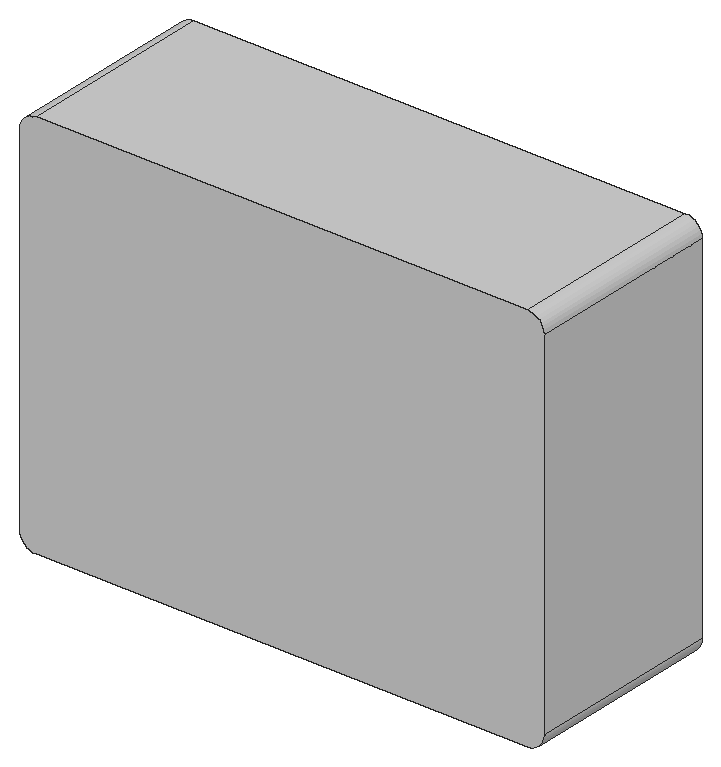
Revit family "Building-IEC309Boards-GEWISS-68QDIN-DISTRIBUTION-BOARD-14MOD_MODULE_ADDITIONAL", category Attrezzatura elettrica, host Muro, Revit 2016
Family settings
  Host = Muro
  Configurazione quadro = Due colonne, circuiti in orizzontale
  Tipo di parte = Pannello comandi
  Quota connettore circolare = Usa diametro
  Numero OmniClass = 23.80.30.11.17
  Titolo OmniClass = Distribution Boards and Control Panels
  Sempre verticale = Sì
  Taglio con vuoti quando caricato = No
  Condiviso = No
  Punto di calcolo locali = No
Parameters (values of type "GW68023N - SUPPLEMENTARY MODULE 14M")
  potenza = 400 V
  Voltaggio = "400V"
  Vista di pianta [instance] = yes
  Vetro = GEWISS - vetro
  Version type = "Empty"
  Version file RFA = "18.0"
  URL = "https://www.gewiss.com/ww/en"
  Thermo-pressure with ball = "70 °C"
  Technical sheet = "https://www.gewiss.com/ww/en/search?q=GW68023N"
  Struttura = GEWISS - Grigio RAL - 7035
  Simbolo Acceso [instance] = yes
  Shock resistance = "IK08"
  SEO = "Module"
  Realized by GEWISS S.p.A. = ""
  Produttore = "GEWISS S.p.A."
  Presa = GEWISS - Grigio RAL - 7035
  Operating temperature: = "-25 +40 °C"
  Offset etichetta nome quadro [instance] = 125 mm
  Numero di poli = 3
  Panel Name [instance] = "NOME"
  No. of modules EN 50022 = "14"
  Modello = "GW68023N"
  Insulation class = "II"
  Installation type = "Surface-mounting"
  Immagine tipo = GW68023N.jpg
  IP degree = "IP65"
  IFC.TypeObject = ""
  IFC.ExportType = ""
  IFC.ExportAs = ""
  IDT = "cdb1e871-0f27-40c4-a0d4-0df0c86676fa"
  IDF = "b0411703-058b-4892-9315-9a4e3fdcc0d4"
  H_da terra = 1200 mm
  Electrocod = "2242"
  ETICHETTA NOME QUADRO [instance] = yes
  EAN code = "8011564746312"
  Distanza dal muro [instance] = 0 mm
  Dist_simb_orizz [instance] = 0 mm
  Dispersible power B (W) = "64"
  Dispersible power A (W) = "24"
  Dispersible power (W) = "40"
  Descrizione = "SUPPLEMENTARY MODULE 14M"
  Commenti sul tipo = "GEWISS"
  Colour = "Grey RAL 7035"
  Classificazione carico = Altro
  Catalogue Range = "68 QDIN"
  Catalogue = "BUILDING"
  Carico apparente = 0 VA
  Cornice simbolo [instance] = no
  COBie.Tagnumber = ""
  COBie.CreatedOn = ""
  COBie.CreatebBy = ""
  COBie.ComponentRegisterItemID = ""
  COBie.Component.TagNumber = ""
  COBie.Component.Space = ""
  COBie.Component.SerialNumber = ""
  COBie.Component.InstallationDate = ""
  COBie.Component.Description = ""
  COBie.Component.BarCode = ""
Reference planes
  plane 1 "Muro": y = 0
  plane 2 "Centro (Sinistra/Destra)": x = 125
  plane 3 "Indietro": y = 75
  plane 4: z = 1200
  plane 5: y = 200
  plane 6: x = 125
Lines and regions (mm)
  Masking region 1, visible <- "Vista di pianta"
    outline origin (0, 0, 0) x (1, 0, 0) y (0, 1, 0)
      loop
        line (-35, 75) -> (285, 75) -> (285, 175) -> (-35, 175) -> (-35, 75)
  Masking region 2
    outline origin (125, 0, 0) x (0, 1, 0) y (0, 0, 1)
      loop
        line (75, 1200) -> (75, 1033) -> (195, 1033) -> (195, 1200) -> (75, 1200)
  Masking region 3
    outline origin (125, 0, 0) x (0, 1, 0) y (0, 0, 1)
      loop
        line (75, 959) -> (195, 959) -> (195, 1011.217) -> (75, 1011.217) -> (75, 959)
Text (mm)
  text "Lato posizionamento" at (-1848.837, 1116.779, 0), in view "Livello rif."
  text "Lato posizionamento" at (0, 1409.804, 2854.306), in view "Sinistra"
  text "Lato posizionamento" at (0, 499.811, 2980.732), in view "Destra"
Dimensions and locks
  locked: plane 3 "Indietro" to host wall
  "H_da terra": level to plane 4
  "Dist_simb_orizz": plane 6 to plane 2 "Centro (Sinistra/Destra)"
  "Offset etichetta nome quadro": plane 3 "Indietro" to plane 5
  aligned and locked: plane 1 "Muro" to host wall
  aligned and locked: plane 6 to nested 2
  aligned and locked: nested 3 to plane 5
  aligned and locked: Masking region 1 sketch curve to nested 1  (x4)
  aligned and locked: Masking region 2 sketch curve to nested 1  (x3)
  aligned and locked: nested 1 to Masking region 2 sketch curve
  aligned and locked: Masking region 3 sketch curve to nested 1  (x2)
  aligned and locked: plane 2 "Centro (Sinistra/Destra)" to nested 3
  aligned and locked: nested 1 to plane 3 "Indietro"
  aligned and locked: nested 1 to plane 2 "Centro (Sinistra/Destra)"
  aligned and locked: plane 4 to nested 1
  aligned and locked: plane 2 "Centro (Sinistra/Destra)" to nested 4
  aligned and locked: nested 4 to plane 4
Automatic sketch dimensions
  Masking region 3 sketch curve to plane 5 = 5 mm
  Masking region 3 sketch curve to Masking region 3 sketch curve = 52.217 mm
Nested families
  nested 1: "QDIN10 QUADRO VUOTO" at (125, 75, 372.117) x (-1, 0, 0) z (0, 0, 1), type "QDIN10 QUADRO VUOTO"
  nested 2: "CENTRALINO" at (125, 116.895, 0), BORDO ACCESO <- "Cornice simbolo", SIMBOLO ACCESO <- "Simbolo Acceso", Distanza dal muro <- "Distanza dal muro", type "CENTRALINO"
    with SIMBOLO ACCESO yes, Distanza dal muro 0 mm, BORDO ACCESO no
  nested 3: "NOME QUADRO" at (125, 200, 0), TXT <- "Panel Name", visible <- "ETICHETTA NOME QUADRO", type "NOME QUADRO"
    with TXT "NOME"
  nested 4: "2D - QDIN14 VUOTO" at (125, 0, 959.732) x (-1, 0, 0) z (0, -1, 0), type "BIDIMENSIONALE"
Definition of nested family "QDIN10 QUADRO VUOTO"
  Parameters (values of type "QDIN10 QUADRO VUOTO")
    Vetro = none
    Struttura = none
    Spessore = 120 mm
    Default Elevation = 14 mm
    Presa = none
    Lunghezza = 320 mm
    IFC.TypeObject = ""
    IFC.ExportType = ""
    IFC.ExportAs = ""
    H_da terra = 586.883 mm
    COBie.CreatedOn = ""
    COBie.CreatebBy = ""
    COBie.ComponentRegisterItemID = ""
    COBie.Component.TagNumber = ""
    COBie.Component.Space = ""
    COBie.Component.SerialNumber = ""
    COBie.Component.InstallationDate = ""
    COBie.Component.Description = ""
    COBie.Component.BarCode = ""
    Altezza = 241 mm
  Reference planes
    plane 1 "Centro (Fronte/Retro)": y = 0
    plane 2: z = 0
    plane 3 "Centro (Sinistra/Destra)": x = 0
    plane 4 "s": y = -100
    plane 5: z = 586.883
    plane 6: z = 827.883
    plane 7: x = -160
    plane 8: x = 160
    plane 9: z = 660.883
    plane 10: y = -80.196
    plane 11: x = -157.597
    plane 12: x = 157.589
    plane 13: z = 670.383
    plane 14: z = 789.347
    plane 15: y = -46.089
    plane 16: y = -87.126
  Forms (mm)
    Extrusion 1, solid, material <- "Struttura"
      sketch origin (0, 0, 0) x (1, 0, 0) y (0, 0, 1)
        loop
          arc (-150, 827.883) -> (-157.071, 824.954) -> (-160, 817.883) r 10
          line (-160, 817.883) -> (-160, 599.1)
          arc (-160, 599.1) -> (-157.071, 592.029) -> (-150, 589.1) r 10
          line (-150, 589.1) -> (150, 589.1)
          arc (150, 589.1) -> (157.071, 592.029) -> (160, 599.1) r 10
          line (160, 599.1) -> (160, 817.883)
          arc (160, 817.883) -> (157.071, 824.954) -> (150, 827.883) r 10
          line (150, 827.883) -> (-150, 827.883)
      from 0 to 120
    Extrusion 2, void
      sketch origin (0, 0, 0) x (1, 0, 0) y (0, 0, 1)
        loop
          line (-157.597, 789.347) -> (-157.597, 670.383) -> (157.589, 670.383) -> (157.589, 789.347) -> (-157.597, 789.347)
      from 46.089 to 120
    Extrusion 3, solid, material <- "Vetro", detail levels fine
      sketch origin (0, 0, 0) x (1, 0, 0) y (0, 0, 1)
        loop
          line (-157.597, 789.347) -> (-157.597, 670.383) -> (157.589, 670.383) -> (157.589, 789.347) -> (-157.597, 789.347)
      from 87.126 to 120.5
  Cuts and joins
    Extrusion 2 cuts Extrusion 1
  Dimensions and locks
    plane 4 "s" to plane 1 "Centro (Fronte/Retro)" = 100 mm  (x2)
    "H_da terra": plane 5 to level
    equal spacing: plane 7, plane 3 "Centro (Sinistra/Destra)", plane 8
    "Lunghezza": plane 7 to plane 8
    locked: plane 4 "s" to plane 10 at 19.804
    locked: plane 6 to plane 14 at 38.537
    locked: plane 13 to plane 9 at 9.5
    locked: plane 7 to plane 11 at 2.403
    locked: plane 12 to plane 8 at 2.411
    locked: plane 4 "s" to plane 15 at 53.911
    locked: plane 4 "s" to plane 16 at 12.874
    "Altezza": plane 6 to plane 5
    locked: plane 14 to plane 13 at 118.963
    aligned and locked: level to plane 2
    aligned and locked: Extrusion 1 sketch curve to plane 6
    aligned and locked: Extrusion 1 sketch curve to plane 8
    aligned and locked: Extrusion 1 sketch curve to plane 7
    aligned and locked: Extrusion 2 sketch curve to plane 14
    aligned and locked: Extrusion 2 sketch curve to plane 12
    aligned and locked: Extrusion 2 sketch curve to plane 11
    aligned and locked: Extrusion 2 sketch curve to plane 13
    aligned and locked: plane 15 to cut or joined group of Extrusion 1, Extrusion 2
    aligned and locked: Extrusion 3 sketch curve to plane 14
    aligned and locked: Extrusion 3 sketch curve to plane 12
    aligned and locked: Extrusion 3 sketch curve to plane 13
    aligned and locked: Extrusion 3 sketch curve to plane 11
    aligned and locked: Extrusion 3 to plane 16
  Automatic sketch dimensions
    Extrusion 1 sketch curve to Extrusion 1 sketch curve = 10 mm  (x2)
    Extrusion 1 sketch curve to plane 7 = 10 mm
    plane 8 to Extrusion 1 sketch curve = 10 mm
    plane 13 to Extrusion 1 sketch curve = 71.283 mm
Definition of nested family "CENTRALINO"
  Parameters (values of type "CENTRALINO")
    SIMBOLO ACCESO [instance] = yes
    Distanza dal muro [instance] = 0 mm
    BORDO ACCESO [instance] = yes
  Reference planes
    plane 1: y = 0
    plane 2: x = 0
  Dimensions and locks
    "Distanza dal muro": plane 1 to nested 1
    aligned and locked: plane 2 to nested 1
  Nested families
    nested 1: "CENTRALINO_BASE" at (0, 0, 0), BORDO ACCESO <- "BORDO ACCESO", visible <- "SIMBOLO ACCESO", type "CENTRALINO"
      with BORDO ACCESO yes
  Definition of nested family "CENTRALINO_BASE"
    Parameters (values of type "CENTRALINO")
      Distanza dal muro = 0 mm
      BORDO ACCESO [instance] = yes
    Reference planes
      plane 1: y = 0
      plane 2: x = 0
    Lines and regions (mm)
      detail lines, visible <- "BORDO ACCESO", not visible
        curve 1: line (-2.443, 10.208, 0) -> (2.057, 10.208, 0)
        curve 2: line (2.057, 10.208, 0) -> (2.057, 4.208, 0)
        curve 3: line (2.057, 4.208, 0) -> (-2.443, 4.208, 0)
        curve 4: line (-2.443, 4.208, 0) -> (-2.443, 10.208, 0)
        curve 5: line (-2.043, 9.808, 0) -> (1.657, 9.808, 0)
        curve 6: line (1.657, 9.808, 0) -> (1.657, 4.608, 0)
        curve 7: line (1.657, 4.608, 0) -> (-2.043, 4.608, 0)
        curve 8: line (-2.043, 4.608, 0) -> (-2.043, 9.808, 0)
      detail lines
        curve 9: line (0, 0.905, 0) -> (0, 0.235, 0)
        curve 10: line (0.659, 0.905, 0) -> (0.659, 1.564, 0)
        curve 11: line (0.659, 1.564, 0) -> (-0.659, 1.564, 0)
        curve 12: line (-0.659, 1.564, 0) -> (-0.659, 0.905, 0)
        curve 13: line (-0.659, 0.905, 0) -> (0.659, 0.905, 0)
        curve 14: line (0.497, 1.564, 0) -> (0.497, 2.235, 0)
        curve 15: line (0.167, 1.564, 0) -> (0.167, 2.235, 0)
        curve 16: line (-0.162, 1.564, 0) -> (-0.162, 2.235, 0)
        curve 17: line (-0.491, 1.564, 0) -> (-0.491, 2.235, 0)
Definition of nested family "NOME QUADRO"
  Parameters (values of type "NOME QUADRO")
    TXT [instance] = ""
  Reference planes
    plane 1: y = 0
    plane 2: x = 0
  Text (mm)
    label "NOME QUADRO" at (0.217, 0.029, 0), shows "TXT"
Definition of nested family "2D - QDIN14 VUOTO"
  Reference planes
    plane 1 "Centro (Fronte/Retro)": y = 0
    plane 2: z = 0
    plane 3 "Centro (Sinistra/Destra)": x = 0
  Lines and regions (mm)
    model lines, in view "Livello rif."
      curve 1: line (-144.702, 0, 0) -> (144.702, 0, 0)
      curve 2: line (-126, 147.768, 0) -> (126, 147.768, 0)
      curve 3: line (126, 147.768, 0) -> (126, 102.768, 0)
      curve 4: line (126, 102.768, 0) -> (-126, 102.768, 0)
      curve 5: line (-126, 102.768, 0) -> (-126, 147.768, 0)
      curve 6: line (-144.291, 72.766, 0) -> (144.291, 72.766, 0)
      curve 7: line (144.291, 52.244, 0) -> (144.153, 51.514, 0)
      curve 8: line (144.153, 51.514, 0) -> (143.706, 50.83, 0)
      curve 9: line (143.706, 50.83, 0) -> (143.207, 50.467, 0)
      curve 10: line (143.207, 50.467, 0) -> (142.29, 50.246, 0)
      curve 11: line (142.29, 50.246, 0) -> (-142.29, 50.246, 0)
      curve 12: line (-142.29, 50.246, 0) -> (-143.207, 50.467, 0)
      curve 13: line (-143.207, 50.467, 0) -> (-143.706, 50.83, 0)
      curve 14: line (-143.706, 50.83, 0) -> (-144.153, 51.514, 0)
      curve 15: line (-144.153, 51.514, 0) -> (-144.291, 52.244, 0)
      curve 16: line (-144.291, 52.244, 0) -> (-144.291, 172.465, 0)
      curve 17: line (-144.291, 172.465, 0) -> (-144.153, 173.196, 0)
      curve 18: line (-144.153, 173.196, 0) -> (-143.706, 173.879, 0)
      curve 19: line (-143.706, 173.879, 0) -> (-143.207, 174.243, 0)
      curve 20: line (-143.207, 174.243, 0) -> (-142.291, 174.465, 0)
      curve 21: line (-142.291, 174.465, 0) -> (142.291, 174.465, 0)
      curve 22: line (142.291, 174.465, 0) -> (143.207, 174.243, 0)
      curve 23: line (143.207, 174.243, 0) -> (143.706, 173.879, 0)
      curve 24: line (143.706, 173.879, 0) -> (144.153, 173.196, 0)
      curve 25: line (144.153, 173.196, 0) -> (144.291, 172.465, 0)
      curve 26: line (144.291, 172.465, 0) -> (144.291, 52.244, 0)
      curve 27: line (-145, 0, 0) -> (-149.387, 0.656, 0)
      curve 28: line (-149.387, 0.656, 0) -> (-152.763, 2.165, 0)
      curve 29: line (-152.763, 2.165, 0) -> (-155.607, 4.393, 0)
      curve 30: line (-155.607, 4.393, 0) -> (-158.144, 7.773, 0)
      curve 31: line (-158.144, 7.773, 0) -> (-159.451, 10.981, 0)
      curve 32: line (-159.451, 10.981, 0) -> (-160, 15, 0)
      curve 33: line (-160, 15, 0) -> (-160, 225.268, 0)
      curve 34: line (-160, 225.268, 0) -> (-159.451, 229.287, 0)
      curve 35: line (-159.451, 229.287, 0) -> (-158.144, 232.494, 0)
      curve 36: line (-158.144, 232.494, 0) -> (-155.607, 235.874, 0)
      curve 37: line (-155.607, 235.874, 0) -> (-152.763, 238.103, 0)
      curve 38: line (-152.763, 238.103, 0) -> (-149.387, 239.612, 0)
      curve 39: line (-149.387, 239.612, 0) -> (-145, 240.268, 0)
      curve 40: line (-145, 240.268, 0) -> (145, 240.268, 0)
      curve 41: line (145, 240.268, 0) -> (149.387, 239.612, 0)
      curve 42: line (149.387, 239.612, 0) -> (152.763, 238.103, 0)
      curve 43: line (152.763, 238.103, 0) -> (155.607, 235.874, 0)
      curve 44: line (155.607, 235.874, 0) -> (158.144, 232.494, 0)
      curve 45: line (158.144, 232.494, 0) -> (159.451, 229.287, 0)
      curve 46: line (159.451, 229.287, 0) -> (160, 225.268, 0)
      curve 47: line (160, 225.268, 0) -> (160, 15, 0)
      curve 48: line (160, 15, 0) -> (159.451, 10.981, 0)
      curve 49: line (159.451, 10.981, 0) -> (158.144, 7.773, 0)
      curve 50: line (158.144, 7.773, 0) -> (155.607, 4.393, 0)
      curve 51: line (155.607, 4.393, 0) -> (152.763, 2.165, 0)
      curve 52: line (152.763, 2.165, 0) -> (149.387, 0.656, 0)
      curve 53: line (149.387, 0.656, 0) -> (145, 0, 0)
      curve 54: line (54.182, 66.487, 0) -> (50.802, 64.288, 0)
      curve 55: line (50.802, 64.288, 0) -> (47.801, 63.087, 0)
      curve 56: line (47.801, 63.087, 0) -> (45.226, 62.561, 0)
      curve 57: line (45.226, 62.561, 0) -> (42.5, 62.396, 0)
      curve 58: line (42.5, 62.396, 0) -> (9.776, 62.396, 0)
      curve 59: line (9.776, 62.396, 0) -> (8.737, 66.274, 0)
      curve 60: line (54.546, 69.178, 0) -> (56.087, 69.178, 0)
      curve 61: line (56.087, 69.178, 0) -> (56.37, 69.01, 0)
      curve 62: line (56.37, 69.01, 0) -> (54.182, 66.487, 0)
      curve 63: line (-54.182, 66.487, 0) -> (-50.802, 64.288, 0)
      curve 64: line (-50.802, 64.288, 0) -> (-47.801, 63.087, 0)
      curve 65: line (-47.801, 63.087, 0) -> (-45.226, 62.561, 0)
      curve 66: line (-45.226, 62.561, 0) -> (-42.5, 62.396, 0)
      curve 67: line (-42.5, 62.396, 0) -> (-9.776, 62.396, 0)
      curve 68: line (-9.776, 62.396, 0) -> (-8.737, 66.274, 0)
      curve 69: line (-54.546, 69.178, 0) -> (-56.087, 69.178, 0)
      curve 70: line (-56.087, 69.178, 0) -> (-56.37, 69.01, 0)
      curve 71: line (-56.37, 69.01, 0) -> (-54.182, 66.487, 0)
      curve 72: line (-54.546, 69.178, 0) -> (-55, 70.618, 0)
      curve 73: line (-55, 70.618, 0) -> (-55, 72.766, 0)
      curve 74: line (-55, 72.766, 0) -> (-55, 75.023, 0)
      curve 75: line (-55, 75.023, 0) -> (-53.799, 76.796, 0)
      curve 76: line (-53.799, 76.796, 0) -> (-51.988, 78.072, 0)
      curve 77: line (-51.988, 78.072, 0) -> (-49.23, 79.462, 0)
      curve 78: line (-49.23, 79.462, 0) -> (-46.338, 80.349, 0)
      curve 79: line (-46.338, 80.349, 0) -> (-43.973, 80.701, 0)
      curve 80: line (-43.973, 80.701, 0) -> (-42.5, 80.761, 0)
      curve 81: line (-42.5, 80.761, 0) -> (42.5, 80.761, 0)
      curve 82: line (42.5, 80.761, 0) -> (43.973, 80.701, 0)
      curve 83: line (43.973, 80.701, 0) -> (46.338, 80.349, 0)
      curve 84: line (46.338, 80.349, 0) -> (49.23, 79.462, 0)
      curve 85: line (49.23, 79.462, 0) -> (51.988, 78.072, 0)
      curve 86: line (51.988, 78.072, 0) -> (53.799, 76.796, 0)
      curve 87: line (53.799, 76.796, 0) -> (55, 75.023, 0)
      curve 88: line (55, 75.023, 0) -> (55, 72.766, 0)
      curve 89: line (55, 72.766, 0) -> (55, 70.618, 0)
      curve 90: line (55, 70.618, 0) -> (54.546, 69.178, 0)
      curve 91: line (0.01, 52.088, 0) -> (-4.782, 53.372, 0)
      curve 92: line (-4.782, 53.372, 0) -> (-8.289, 56.879, 0)
      curve 93: line (-8.289, 56.879, 0) -> (-9.573, 61.671, 0)
      curve 94: line (-9.573, 61.671, 0) -> (-8.289, 66.462, 0)
      curve 95: line (-8.289, 66.462, 0) -> (-4.782, 69.97, 0)
      curve 96: line (-4.782, 69.97, 0) -> (0.01, 71.254, 0)
      curve 97: line (0.01, 71.254, 0) -> (4.802, 69.97, 0)
      curve 98: line (4.802, 69.97, 0) -> (8.309, 66.462, 0)
      curve 99: line (8.309, 66.462, 0) -> (9.593, 61.671, 0)
      curve 100: line (9.593, 61.671, 0) -> (8.309, 56.879, 0)
      curve 101: line (8.309, 56.879, 0) -> (4.802, 53.372, 0)
      curve 102: line (4.802, 53.372, 0) -> (0.01, 52.088, 0)
